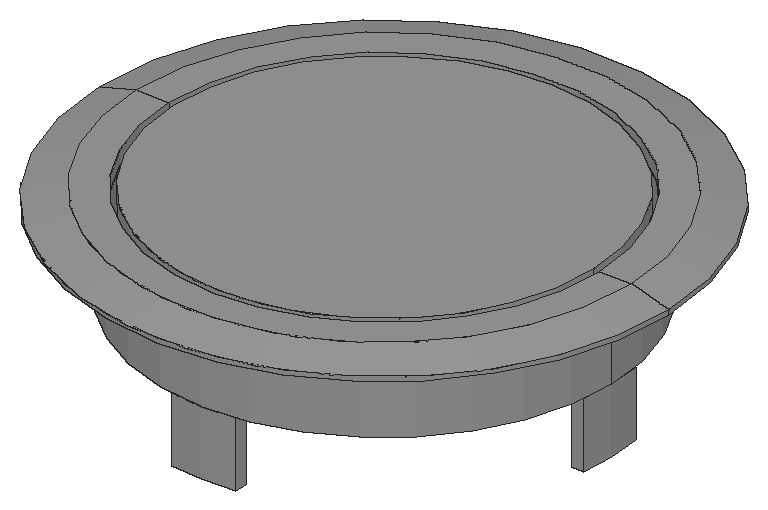
Revit family "Tubusdeckel-GES R2T Ni-O", category Generic Models, Revit 2017
Family settings
  Can host rebar = No
  Round Connector Dimension = Use Diameter
  Part Type = Normal
  Work Plane-Based = No
  Always vertical = Yes
  Cut with Voids When Loaded = No
  Shared = No
  Room Calculation Point = No
Parameters (values of type "GES R2T Ni-O")
  URL = "http://www.obo-bettermann.com"
  Material = Zinkdruckguss
  Manufacturer Art.No. = "7408859"
  Manufacturer = "OBO BETTERMANN"
  GTIN = "4012196689781"
  Article Type = "GES R2T Ni-O"
Reference planes
  plane 1 "Center (Front/Back)": y = 0
  plane 2: z = 0
  plane 3 "Center (Left/Right)": x = 0
  plane 4: z = 20.25
  plane 5: x = 70
  plane 6: x = 60.85
  plane 7: through (60.85, -1524, 23.737) normal (0.2588, 0, 0.9659)
  plane 8: x = 53
  plane 9: x = -7.9
  plane 10: x = 7.9
  plane 11: y = 7.9
  plane 12: y = -7.9
  plane 13: z = -16
Forms (mm)
  Extrusion 1, solid, material "Zinkdruckguss" <- "Material"
    sketch origin (0, 0, 0) x (1, 0, 0) y (0, 1, 0)
      loop
        circle (0, 0) r 53
      loop
        circle (0, 0) r 56
    from 0 to 20.25
  Revolve 2, solid, material "Zinkdruckguss" <- "Material"
    sketch origin (0, 0, 0) x (1, 0, 0) y (0, 0, 1)
      loop
        line (70, 20.25) -> (70, 21.286) -> (60.85, 23.737) -> (53, 23.737) -> (53, 20.25) -> (70, 20.25)
      axis (0, 23.737) -> (0, 20.25)
    angle from 0 to 360
  Extrusion 3, solid, material "Zinkdruckguss" <- "Material"
    sketch origin (0, 0, 0) x (1, 0, 0) y (0, 1, 0)
      loop
        circle (0, 0) r 51.5
    from 20.25 to 23.737
  Extrusion 4, solid, material "Zinkdruckguss" <- "Material"
    sketch origin (0, 0, 0) x (1, 0, 0) y (0, 1, 0)
      loop
        line (-7.9, 55.44) -> (-7.9, 52.408)
        arc (-7.9, 52.408) -> (0, 53) -> (7.9, 52.408) r 53
        line (7.9, 52.408) -> (7.9, 55.44)
        arc (7.9, 55.44) -> (0, 56) -> (-7.9, 55.44) r 56
      loop
        arc (-7.9, -55.44) -> (0, -56) -> (7.9, -55.44) r 56
        line (7.9, -55.44) -> (7.9, -52.408)
        arc (7.9, -52.408) -> (0, -53) -> (-7.9, -52.408) r 53
        line (-7.9, -52.408) -> (-7.9, -55.44)
      loop
        arc (-55.44, 7.9) -> (-56, 0) -> (-55.44, -7.9) r 56
        line (-55.44, -7.9) -> (-52.408, -7.9)
        arc (-52.408, -7.9) -> (-53, 0) -> (-52.408, 7.9) r 53
        line (-52.408, 7.9) -> (-55.44, 7.9)
      loop
        line (55.44, 7.9) -> (52.408, 7.9)
        arc (52.408, 7.9) -> (53, 0) -> (52.408, -7.9) r 53
        line (52.408, -7.9) -> (55.44, -7.9)
        arc (55.44, -7.9) -> (56, 0) -> (55.44, 7.9) r 56
    from 0 to -16
Dimensions and locks
  locked: plane 3 "Center (Left/Right)" to Extrusion 1 sketch curve  (x2)
  locked: plane 3 "Center (Left/Right)" to Extrusion 1 sketch curve at 53
  locked: plane 3 "Center (Left/Right)" to Extrusion 1 sketch curve at 56
  locked: plane 5 to plane 3 "Center (Left/Right)" at 70
  locked: Revolve 2 sketch curve to Revolve 2 sketch curve at 3.487
  locked: Revolve 2 sketch curve to Revolve 2 sketch curve at 1.036
  locked: plane 3 "Center (Left/Right)" to Extrusion 3 sketch curve at 51.5
  locked: plane 3 "Center (Left/Right)" to Extrusion 3 sketch curve
  locked: Extrusion 4 sketch curve to Extrusion 4 sketch curve at 15.8  (x3)
  locked: Extrusion 4 sketch curve to Extrusion 4 sketch curve at 3.032  (x8)
  locked: Extrusion 1 to plane 13 at 16
  aligned and locked: level to plane 2
  aligned and locked: plane 4 to Extrusion 1
  aligned and locked: Extrusion 1 to level
  aligned and locked: Revolve 2 sketch curve to plane 3 "Center (Left/Right)"
  aligned and locked: Revolve 2 sketch curve to plane 5
  aligned and locked: plane 8 to Revolve 2 sketch curve
  aligned and locked: Revolve 2 sketch curve to Extrusion 1
  aligned and locked: Revolve 2 sketch curve to plane 8
  aligned and locked: Extrusion 3 to Extrusion 1
  aligned and locked: Revolve 2 to Extrusion 3
  aligned and locked: Extrusion 4 sketch curve to plane 11
  aligned and locked: Extrusion 4 sketch curve to plane 12
  aligned and locked: Extrusion 4 to plane 13
  aligned and locked: level to Extrusion 4
